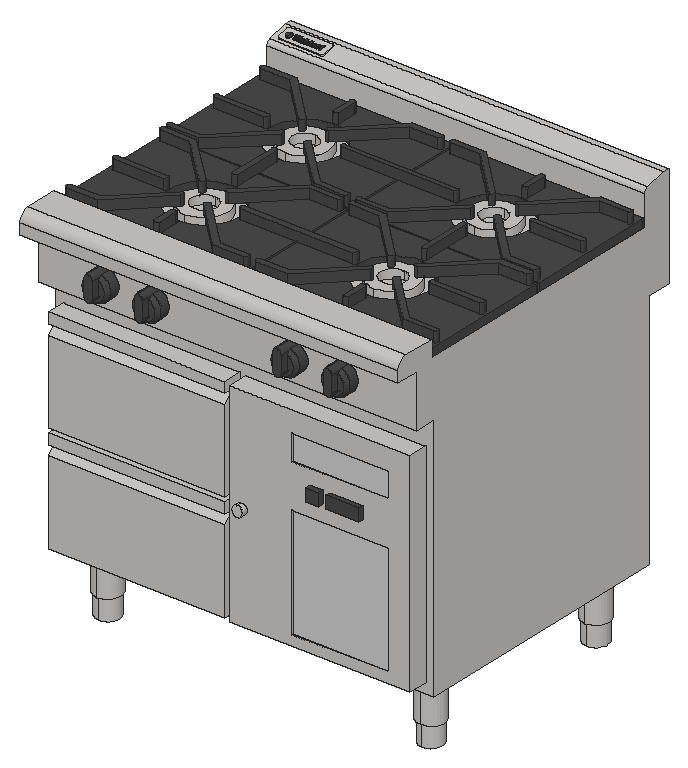
Revit family "QF_MOFFAT WALDORF_RNL8900G-RB", category Specialty Equipment, Revit 2012 (continued)
Automatic sketch dimensions
  Extrusion 7 sketch curve to Extrusion 7 sketch curve = 69.441 mm  (x9)
  Extrusion 7 sketch curve to Extrusion 7 sketch curve = 4.702 mm  (x14)
  Extrusion 7 sketch curve to Extrusion 7 sketch curve = 119.204 mm  (x2)
  Extrusion 7 sketch curve to Extrusion 7 sketch curve = 130.621 mm  (x3)
  Extrusion 7 sketch curve to Extrusion 7 sketch curve = 28.921 mm  (x3)
  Extrusion 7 sketch curve to Extrusion 7 sketch curve = 49.825 mm  (x2)
  Extrusion 1 to Split face 1 sketch curve = 5.177 mm
  Split face 1 sketch curve to Extrusion 1 = 9.153 mm
  Split face 1 sketch curve to Extrusion 1 = 154.563 mm
  Split face 1 sketch curve to Split face 1 sketch curve = 20.0 mm
  Revolve 8 sketch curve to Revolve 8 sketch curve = 23.0 mm
  Revolve 8 sketch curve to Revolve 8 sketch curve = 12.7 mm
  Revolve 8 sketch curve to Revolve 8 sketch curve = 0.0 mm  (x2)
  plane 10 to Revolve 8 sketch curve = 112.895 mm
  Revolve 8 sketch curve to Revolve 8 sketch curve = 5.0 mm
  Revolve 8 sketch curve to Revolve 8 sketch curve = 26.651 mm
  Revolve 8 sketch curve to Revolve 8 sketch curve = 5.849 mm
  plane 4 "RIGHT" to Extrusion 9 sketch curve = 175.0 mm
  Extrusion 9 sketch curve to Extrusion 9 sketch curve = 10.0 mm
  plane 10 to Extrusion 9 sketch curve = 124.997 mm
  Extrusion 9 sketch curve to Extrusion 9 sketch curve = 38.997 mm
  Revolve 10 sketch curve to plane 5 "FRONT" = 12.0 mm
  Revolve 10 sketch curve to Revolve 10 sketch curve = 0.0 mm  (x2)
  Revolve 10 sketch curve to Revolve 10 sketch curve = 11.0 mm
  Revolve 10 sketch curve to Revolve 10 sketch curve = 12.7 mm
  Revolve 10 sketch curve to Revolve 10 sketch curve = 23.0 mm
  Revolve 10 sketch curve to Revolve 10 sketch curve = 10.0 mm
  plane 10 to Revolve 10 sketch curve = 80.593 mm
  Revolve 10 sketch curve to Revolve 10 sketch curve = 5.849 mm
  Revolve 10 sketch curve to Revolve 10 sketch curve = 27.5 mm
  Revolve 10 sketch curve to Revolve 10 sketch curve = 5.0 mm
  plane 7 "Center Y" to Extrusion 11 sketch curve = 175.0 mm
  Extrusion 11 sketch curve to Extrusion 11 sketch curve = 10.0 mm
  plane 10 to Extrusion 11 sketch curve = 86.0 mm
  Extrusion 11 sketch curve to Extrusion 11 sketch curve = 39.0 mm
  Extrusion 1 to Split face 2 sketch curve = 5.177 mm
  Split face 2 sketch curve to Extrusion 1 = 9.153 mm
  Split face 2 sketch curve to Extrusion 1 = 204.563 mm
  Split face 2 sketch curve to Split face 2 sketch curve = 20.0 mm
  Extrusion 1 to Split face 3 sketch curve = 5.177 mm
  Split face 3 sketch curve to Extrusion 1 = 9.153 mm
  Split face 3 sketch curve to Extrusion 1 = 254.563 mm
  Split face 3 sketch curve to Split face 3 sketch curve = 20.0 mm
  Extrusion 1 to Split face 4 sketch curve = 5.177 mm
  Split face 4 sketch curve to Extrusion 1 = 9.153 mm
  Split face 4 sketch curve to Extrusion 1 = 304.563 mm
  Split face 4 sketch curve to Split face 4 sketch curve = 20.0 mm
  Extrusion 1 to Split face 5 sketch curve = 5.177 mm
  Split face 5 sketch curve to Extrusion 1 = 9.153 mm
  Split face 5 sketch curve to Extrusion 1 = 354.563 mm
  Split face 5 sketch curve to Split face 5 sketch curve = 20.0 mm
  Extrusion 1 to Split face 6 sketch curve = 5.177 mm
  Split face 6 sketch curve to Extrusion 1 = 9.153 mm
  Split face 6 sketch curve to Extrusion 1 = 404.563 mm
  Split face 6 sketch curve to Split face 6 sketch curve = 20.0 mm
  Extrusion 1 to Split face 7 sketch curve = 5.177 mm
  Split face 7 sketch curve to Extrusion 1 = 9.153 mm
  Split face 7 sketch curve to Extrusion 1 = 445.437 mm
  Split face 7 sketch curve to Split face 7 sketch curve = 20.0 mm
  Extrusion 1 to Split face 8 sketch curve = 5.177 mm
  Split face 8 sketch curve to Extrusion 1 = 9.153 mm
  Split face 8 sketch curve to Extrusion 1 = 395.437 mm
  Split face 8 sketch curve to Split face 8 sketch curve = 20.0 mm
  Extrusion 1 to Split face 9 sketch curve = 5.177 mm
  Split face 9 sketch curve to Extrusion 1 = 9.153 mm
  Split face 9 sketch curve to Extrusion 1 = 345.437 mm
  Split face 9 sketch curve to Split face 9 sketch curve = 20.0 mm
  Extrusion 1 to Split face 10 sketch curve = 5.177 mm
  Split face 10 sketch curve to Extrusion 1 = 9.153 mm
  Split face 10 sketch curve to Extrusion 1 = 295.437 mm
  Split face 10 sketch curve to Split face 10 sketch curve = 20.0 mm
  Extrusion 1 to Split face 11 sketch curve = 5.177 mm
  Split face 11 sketch curve to Extrusion 1 = 9.153 mm
  Split face 11 sketch curve to Extrusion 1 = 245.437 mm
  Split face 11 sketch curve to Split face 11 sketch curve = 20.0 mm
  Extrusion 1 to Split face 12 sketch curve = 5.177 mm
  Split face 12 sketch curve to Extrusion 1 = 9.153 mm
  Split face 12 sketch curve to Extrusion 1 = 195.437 mm
  Split face 12 sketch curve to Split face 12 sketch curve = 20.0 mm
  Revolve 12 sketch curve to plane 9 "Base Height" = 0.0 mm
  Revolve 12 sketch curve to level = 0.0 mm
  level to Revolve 12 sketch curve = 50.0 mm
  plane 1 "BACK" to Revolve 12 sketch curve = 166.75 mm
  Revolve 12 sketch curve to Revolve 12 sketch curve = 4.25 mm
  Revolve 12 sketch curve to Revolve 12 sketch curve = 27.5 mm  (x2)
  Revolve 12 sketch curve to Revolve 12 sketch curve = 55.0 mm
  Revolve 12 sketch curve to Revolve 12 sketch curve = 0.0 mm
  Revolve 13 sketch curve to plane 9 "Base Height" = 0.0 mm
  Revolve 13 sketch curve to level = 0.0 mm
  level to Revolve 13 sketch curve = 50.0 mm
  Revolve 13 sketch curve to plane 5 "FRONT" = 148.25 mm
  Revolve 13 sketch curve to Revolve 13 sketch curve = 4.25 mm
  Revolve 13 sketch curve to Revolve 13 sketch curve = 27.5 mm  (x2)
  Revolve 13 sketch curve to Revolve 13 sketch curve = 55.0 mm
  Revolve 13 sketch curve to Revolve 13 sketch curve = 0.0 mm
  Revolve 14 sketch curve to plane 9 "Base Height" = 0.0 mm
  Revolve 14 sketch curve to level = 0.0 mm
  level to Revolve 14 sketch curve = 50.0 mm
  plane 1 "BACK" to Revolve 14 sketch curve = 166.75 mm
  Revolve 14 sketch curve to Revolve 14 sketch curve = 4.25 mm
  Revolve 14 sketch curve to Revolve 14 sketch curve = 27.5 mm  (x2)
  Revolve 14 sketch curve to Revolve 14 sketch curve = 0.0 mm
  Revolve 14 sketch curve to Revolve 14 sketch curve = 55.0 mm
  Revolve 15 sketch curve to plane 9 "Base Height" = 0.0 mm
  Revolve 15 sketch curve to level = 0.0 mm
  level to Revolve 15 sketch curve = 50.0 mm
  Revolve 15 sketch curve to plane 5 "FRONT" = 148.25 mm
  Revolve 15 sketch curve to Revolve 15 sketch curve = 4.25 mm
  Revolve 15 sketch curve to Revolve 15 sketch curve = 27.5 mm  (x2)
  Revolve 15 sketch curve to Revolve 15 sketch curve = 0.0 mm
  Revolve 15 sketch curve to Revolve 15 sketch curve = 55.0 mm
  Extrusion 16 sketch curve to plane 11 = 0.0 mm
  Extrusion 16 sketch curve to plane 11 = 25.0 mm
  plane 4 "RIGHT" to Extrusion 16 sketch curve = 69.0 mm  (x2)
  Extrusion 16 sketch curve to Extrusion 16 sketch curve = 265.0 mm
  Extrusion 16 sketch curve to Extrusion 16 sketch curve = 104.0 mm
  Extrusion 16 sketch curve to Extrusion 16 sketch curve = 60.0 mm
  plane 4 "RIGHT" to Extrusion 16 sketch curve = 19.0 mm
  Extrusion 16 sketch curve to Extrusion 16 sketch curve = 50.0 mm
  plane 7 "Center Y" to Extrusion 16 sketch curve = 151.0 mm
  Extrusion 16 sketch curve to Extrusion 16 sketch curve = 0.0 mm
  plane 7 "Center Y" to Extrusion 16 sketch curve = 3.0 mm
  Extrusion 17 sketch curve to Extrusion 16 = 34.46 mm  (x2)
  Extrusion 17 sketch curve to Extrusion 17 sketch curve = 30.0 mm  (x2)
  Extrusion 17 sketch curve to Extrusion 17 sketch curve = 0.0 mm
  Extrusion 16 to Extrusion 17 sketch curve = 43.926 mm
  Extrusion 17 sketch curve to Extrusion 17 sketch curve = 17.577 mm
  Extrusion 16 to Extrusion 17 sketch curve = 60.185 mm
  Extrusion 16 to Extrusion 18 sketch curve = 39.229 mm
  Extrusion 18 sketch curve to Extrusion 16 = 27.856 mm
  Extrusion 19 sketch curve to Extrusion 16 = 0.0 mm  (x6)
  Extrusion 16 to Extrusion 19 sketch curve = 0.0 mm  (x2)
  Extrusion 1 to Extrusion 20 sketch curve = 283.0 mm
  Extrusion 1 sketch curve to Extrusion 1 sketch curve = 150.0 mm
  plane 1 "BACK" to Extrusion 1 sketch curve = 59.0 mm
  Extrusion 1 sketch curve to plane 9 "Base Height" = 0.0 mm
  Extrusion 1 to Extrusion 20 sketch curve = 323.0 mm
  curve 70 to curve 114 = 0.835 mm
  curve 84 to curve 119 = 0.835 mm
  curve 96 to curve 116 = 1.849 mm
  curve 104 to curve 118 = 1.849 mm
  plane 15 to curve 118 = 2.891 mm
  plane 15 to curve 120 = 3.793 mm
  curve 117 to curve 90 = 1.527 mm
  curve 119 to curve 84 = 0.625 mm
  curve 104 to curve 115 = 7.289 mm
  curve 70 to curve 114 = 8.191 mm
  curve 116 to curve 88 = 0.527 mm
  curve 86 to curve 113 = 0.375 mm
  plane 3 "LEFT" to Extrusion 7 sketch curve = 13.21 mm  (x3)
  plane 14 to Extrusion 7 sketch curve = 43.572 mm  (x4)
  plane 14 to Extrusion 7 sketch curve = 38.602 mm  (x2)
  plane 4 "RIGHT" to Extrusion 7 sketch curve = 13.21 mm  (x4)
  Extrusion 7 sketch curve to plane 15 = 44.172 mm  (x4)
  plane 3 "LEFT" to Extrusion 7 sketch curve = 13.273 mm  (x2)
  plane 4 "RIGHT" to Extrusion 7 sketch curve = 87.354 mm  (x2)
  Extrusion 7 sketch curve to Extrusion 7 sketch curve = 74.143 mm
  plane 4 "RIGHT" to Extrusion 7 sketch curve = 13.273 mm  (x2)
  Extrusion 1 to Extrusion 21 sketch curve = 1.0 mm  (x5)
  Extrusion 21 sketch curve to Extrusion 21 sketch curve = 3.0 mm  (x9)
  Extrusion 1 to Extrusion 21 sketch curve = 4.0 mm  (x2)
  Extrusion 21 sketch curve to Extrusion 21 sketch curve = 0.0 mm  (x6)
  Extrusion 1 to Extrusion 21 sketch curve = 167.079 mm
  Extrusion 1 to Extrusion 21 sketch curve = 167.98 mm
  Extrusion 21 sketch curve to Extrusion 21 sketch curve = 144.395 mm  (x2)
  Extrusion 21 sketch curve to Extrusion 21 sketch curve = 145.296 mm
  Extrusion 21 sketch curve to Extrusion 1 = 167.921 mm
  Extrusion 21 sketch curve to Extrusion 1 = 167.02 mm
  Extrusion 21 sketch curve to Extrusion 1 = 4.0 mm  (x3)
  Extrusion 21 sketch curve to Extrusion 1 = 1.0 mm  (x2)
  Extrusion 1 to Extrusion 21 sketch curve = 224.937 mm  (x2)
  Extrusion 21 sketch curve to Extrusion 21 sketch curve = 220.251 mm  (x2)
  Extrusion 21 sketch curve to Extrusion 21 sketch curve = 3.625 mm  (x2)
  Extrusion 1 to Extrusion 21 sketch curve = 224.05 mm  (x2)
  Extrusion 22 sketch curve to Extrusion 22 sketch curve = 0.0 mm  (x49)
  Extrusion 1 to Extrusion 22 sketch curve = 110.5 mm  (x2)
  Extrusion 22 sketch curve to Extrusion 22 sketch curve = 27.0 mm  (x4)
  Extrusion 22 sketch curve to Extrusion 22 sketch curve = 30.0 mm  (x4)
  Extrusion 22 sketch curve to Extrusion 22 sketch curve = 185.0 mm  (x2)
  Extrusion 1 to Extrusion 22 sketch curve = 224.0 mm  (x2)
  Extrusion 1 to Extrusion 22 sketch curve = 226.0 mm
  curve 86 to curve 121 = 0.0 mm  (x2)
  curve 86 to curve 122 = 27.0 mm
  curve 88 to curve 123 = 0.0 mm  (x2)
  curve 88 to curve 123 = 27.0 mm
  curve 90 to curve 125 = 0.0 mm  (x2)
  curve 90 to curve 125 = 27.0 mm
  curve 84 to curve 127 = 0.0 mm  (x2)
  curve 84 to curve 127 = 27.0 mm
  radius of Extrusion 4 sketch curve = 13.5 mm
  radius of Extrusion 18 sketch curve = 12.395 mm
  radius of Extrusion 20 sketch curve = 6.35 mm
  radius of Extrusion 21 sketch curve = 84.082 mm  (x4)
Nested families
  nested 1: "RNL8900G-RB-CASTERS" at (65, -100, 0), Show Casters <- "Show Casters", visible <- "Show Casters", type "RNL8900G-RB-CASTERS"
    with Type Mark "", Status "", Specification by User "", Show Casters no, Revision Code "", Item Number "", Installed By "", Identify Quantity as Lot yes, Furnished By "", Foodservice Equipment Identifier yes
  nested 2: "RNL8900G-RB-CASTERS" at (835, -100, 0), Show Casters <- "Show Casters", visible <- "Show Casters", type "RNL8900G-RB-CASTERS"
    with Type Mark "", Status "", Specification by User "", Show Casters no, Revision Code "", Item Number "", Installed By "", Identify Quantity as Lot yes, Furnished By "", Foodservice Equipment Identifier yes
  nested 3: "RNL8600G-RB-DOOR AND DRAWER" at (19, -699, 176.5), Show Door <- "Show Door", Show Drawer <- "Drawer", Drawer Clearance <- "Drawer Clearance", Door Clearance <- "Door Clearance", type "RNL8600G-RB-DOOR AND DRAWER"
    with Type Mark "", Status "", Specification by User "", Show Drawer yes, Show Door no, Revision Code "", Item Number "", Installed By "", Identify Quantity as Lot yes, Furnished By "", Foodservice Equipment Identifier yes, Drawer Clearance yes, Door Clearance no
  nested 4: "WALDORF LOGO_FACE BASE" at (12.422, -22.122, 968.092) x (1, 0, 0) z (0, -0.2588, 0.9659), visible <- "Show Logo", type "WALDORF LOGO_FACE BASE", detail levels medium+fine
    with Show Logo yes
Connectors
  piping at (770, -32, 655)
    settings: on Extrusion 4, index 3, connector radius 0.37402", flow factor 0, pipe flow 0 GPM, pressure drop 0.00 psi, fitting loss kfactor 0, connector angle 0.00°, fixture units 0, engagement length 0.0 mm, flow configuration 1, flow direction 1, fitting loss method 0, system type 7, joint type 0, gender type 0, connector reference index -1, connector utility 0, adjustable connector no, is connector primary yes, fitting loss table "", connector description "GAS CONNECTION"
  electrical at (617, 1.6, 402), driven by "Volts", driven by "Watts"
    settings: on Extrusion 20, index 4, voltage 240 V, apparent load 250 VA, apparent load phase1 0 VA, apparent load phase2 0 VA, apparent load phase3 0 VA, power factor 1, load classification "Other", number of poles 1, system type 30, power factor state 1, is connector primary yes, connector utility no, sub classification motor no, connector description "ELECTRICAL CONNECTION"
Definition of nested family "RNL8600G-RB-DOOR AND DRAWER"
  Parameters (values of type "GP8900G-RB-DOOR AND DRAWER")
    Weight in Pounds = 0
    URL Cutsheet = ""
    URL = ""
    Type Mark [instance] = ""
    Status [instance] = ""
    Specification by User [instance] = ""
    Specification by Manufacturer = ""
    Show Door [instance] = yes
    Serial Number = ""
    Seismic Rating = ""
    SMACNA No = ""
    Revision Code [instance] = ""
    Omniclass Number and Title = ""
    NAFEM Spec ID Number = ""
    Model = ""
    Masterspec = ""
    Manufacturer = ""
    Item Number [instance] = ""
    Installed By [instance] = ""
    Identify Quantity as Lot [instance] = yes
    Furnished By [instance] = ""
    Foodservice Equipment Identifier [instance] = yes
    Show Drawer [instance] = yes
    Drawer Clearance [instance] = yes
    Door Clearance [instance] = yes
    Description = ""
    CSI MasterFormat = ""
    CSI Master Format = ""
  Reference planes
    plane 1 "BACK": y = 0
    plane 2: z = 0
    plane 3 "LEFT": x = 0
    plane 4 "RIGHT": x = 420
    plane 5 "FRONT": y = -464.82
    plane 6 "TOP": z = 504
    plane 7 "Center Y": x = 210
    plane 8 "Center X": y = -232.41
    plane 9: x = 420
  Forms (mm)
    Extrusion 1, solid, material "QF_Finishes_Stainless Steel", visible <- "Show Drawer"
      sketch origin (-19, 702.18, -174) x (0, 1, 0) y (0, 0, 1)
        loop
          line (-747, 678) -> (-747, 653) -> (-722, 653) -> (-747, 628) -> (-747, 431) -> (-702.18, 431) -> (-702.18, 678) -> (-747, 678)
        loop
          line (-747, 421) -> (-747, 396) -> (-722, 396) -> (-747, 371) -> (-747, 174) -> (-702.18, 174) -> (-702.18, 421) -> (-747, 421)
      from 19 to 439
    Extrusion 2, solid, material "QF_Door-Drawer Clearances", visible <- "Drawer Clearance", detail levels coarse
      sketch origin (-19, -44.82, 257) x (0, 0, 1) y (-1, 0, 0)
        loop
          line (-257, -19) -> (-257, -439) -> (-10, -439) -> (-10, -19) -> (-257, -19)
        loop
          line (0, -19) -> (0, -439) -> (247, -439) -> (247, -19) -> (0, -19)
      from 0 to 304.8
    Extrusion 3, solid, material "QF_Finishes_Stainless Steel", visible <- "Show Door"
      sketch origin (-19, 702.18, -174) x (0, 1, 0) y (0, 0, 1)
        loop
          line (-748.15, 675.55) -> (-748.15, 658) -> (-723.95, 658) -> (-723.95, 648.15)
          arc (-723.95, 648.15) -> (-740.921, 641.121) -> (-747.95, 624.15) r 24
          line (-747.95, 624.15) -> (-747.95, 198)
          arc (-747.95, 198) -> (-740.921, 181.029) -> (-723.95, 174) r 24
          line (-723.95, 174) -> (-705.2, 174) -> (-705.2, 678) -> (-745.7, 678)
          arc (-745.7, 678) -> (-747.432, 677.282) -> (-748.15, 675.55) r 2.45
      from 19 to 439
    Extrusion 4, solid, material "QF_Door-Drawer Clearances", visible <- "Door Clearance", detail levels coarse
      sketch origin (-19, -8.47, 0) x (-1, 0, 0) y (0, 1, 0)
        loop
          line (-19, -36.35) -> (-439, -36.35)
          arc (-439, -36.35) -> (-315.985, -333.335) -> (-19, -456.35) r 420
          line (-19, -456.35) -> (-19, -36.35)
      from 0 to -504
  Lines and regions (mm)
    symbolic lines, style "QF_Door-Drawer Clearances", visible <- "Drawer Clearance"
      curve 1: line (0, -102.82, 150) -> (0, -349.62, 150)
      curve 2: line (420, -349.62, 150) -> (420, -104.62, 150)
      curve 5: line (0, -349.62, 0) -> (420, -349.62, 0)
    symbolic lines, style "QF_Door-Drawer Clearances", visible <- "Door Clearance"
      curve 3: line (58, -102.82, 150) -> (296.985, -341.805, 150)
      curve 4: arc (416.229, -100.977, 150) -> (376.388, -231.185, 150) -> (296.985, -341.805, 150) r 420
  Dimensions and locks
    equal spacing: plane 3 "LEFT", plane 7 "Center Y", plane 4 "RIGHT"
    plane 3 "LEFT" to plane 4 "RIGHT" = 420.0 mm
    equal spacing: plane 5 "FRONT", plane 8 "Center X", plane 1 "BACK"
    plane 5 "FRONT" to plane 1 "BACK" = 464.82 mm
    plane 6 "TOP" to level = 504.0 mm
    aligned and locked: level to plane 2
  Automatic sketch dimensions
    curve 4 to plane 3 "LEFT" = 0.0 mm
    curve 1 to plane 3 "LEFT" = 0.0 mm
    plane 4 "RIGHT" to curve 4 = 3.771 mm
    plane 7 "Center Y" to curve 3 = 86.985 mm
    curve 3 to curve 1 = 58.0 mm
    plane 1 "BACK" to curve 4 = 44.82 mm
    plane 1 "BACK" to curve 4 = 100.977 mm
    curve 4 to curve 3 = 58.0 mm
    curve 1 to curve 3 = 0.0 mm
    curve 4 to curve 2 = 3.643 mm
    Extrusion 1 sketch curve to level = 0.0 mm
    Extrusion 1 sketch curve to plane 1 "BACK" = 0.0 mm  (x2)
    plane 1 "BACK" to Extrusion 1 sketch curve = 19.82 mm  (x2)
    Extrusion 1 sketch curve to Extrusion 1 sketch curve = 25.0 mm  (x6)
    Extrusion 1 sketch curve to Extrusion 1 sketch curve = 0.0 mm
    Extrusion 1 sketch curve to Extrusion 1 sketch curve = 44.82 mm
    level to Extrusion 1 sketch curve = 197.0 mm
    Extrusion 1 sketch curve to Extrusion 1 sketch curve = 10.0 mm
    Extrusion 1 sketch curve to Extrusion 1 sketch curve = 197.0 mm
    Extrusion 1 to Extrusion 2 sketch curve = 0.0 mm  (x4)
    Extrusion 2 sketch curve to Extrusion 1 = 0.0 mm
    Extrusion 1 to Extrusion 2 sketch curve = 222.0 mm
    Extrusion 2 sketch curve to Extrusion 2 sketch curve = 10.0 mm
    Extrusion 2 sketch curve to Extrusion 2 sketch curve = 247.0 mm
    Extrusion 3 sketch curve to level = 0.0 mm
    plane 1 "BACK" to Extrusion 3 sketch curve = 45.97 mm
    Extrusion 3 sketch curve to Extrusion 3 sketch curve = 0.2 mm
    Extrusion 3 sketch curve to Extrusion 3 sketch curve = 2.45 mm
    plane 1 "BACK" to Extrusion 3 sketch curve = 21.77 mm  (x2)
    plane 1 "BACK" to Extrusion 3 sketch curve = 3.02 mm
    Extrusion 3 sketch curve to Extrusion 3 sketch curve = 426.15 mm
    Extrusion 3 sketch curve to Extrusion 3 sketch curve = 9.85 mm
    Extrusion 3 sketch curve to Extrusion 3 sketch curve = 17.55 mm
    Extrusion 4 sketch curve to Extrusion 3 = 0.0 mm  (x2)
    Extrusion 3 to Extrusion 4 sketch curve = 23.05 mm
    curve 2 to plane 4 "RIGHT" = 0.0 mm
    curve 1 to plane 5 "FRONT" = 115.2 mm
    curve 2 to plane 5 "FRONT" = 115.2 mm
Definition of nested family "WALDORF LOGO_FACE BASE"
  Parameters (values of type "WALDORF LOGO_FACE BASE")
    Show Logo [instance] = yes
    Default Elevation = 1219.2 mm
  Reference planes
    plane 1 "Center (Front/Back)": y = 0
    plane 2: z = 0
    plane 3 "Center (Left/Right)": x = 0
  Forms (mm)
    Extrusion 1, solid
      sketch origin (0, 0, 0) x (1, 0, 0) y (0, 1, 0)
        loop
          line (-1219.2, 1219.2) -> (-1219.2, -1219.2) -> (1219.2, -1219.2) -> (1219.2, 1219.2) -> (-1219.2, 1219.2)
      from 0 to -304.8
    Extrusion 2, solid, material "QF_Finishes_Stainless Steel", visible <- "Show Logo"
      sketch origin (0, -33.217, 0) x (1, 0, 0) y (0, 1, 0)
        loop
          arc (5, 34.14) -> (1.464, 32.676) -> (0, 29.14) r 5
          line (0, 29.14) -> (0, 5)
          arc (0, 5) -> (1.464, 1.464) -> (5, 0) r 5
          line (5, 0) -> (104, 0)
          arc (104, 0) -> (107.536, 1.464) -> (109, 5) r 5
          line (109, 5) -> (109, 29.14)
          arc (109, 29.14) -> (107.536, 32.676) -> (104, 34.14) r 5
          line (104, 34.14) -> (5, 34.14)
      from 0 to 1.588
    Extrusion 3, solid, material "QF_Finishes_Black", visible <- "Show Logo"
      sketch origin (0, -33.217, 1.588) x (1, 0, 0) y (0, 1, 0)
        loop
          line (24.772, 23.214) -> (27.992, 10.301) -> (31.551, 10.301) -> (33.443, 17.364) -> (35.205, 10.301) -> (39.332, 10.301) -> (42.077, 23.214) -> (38.352, 23.214) -> (36.676, 15.33) -> (35, 23.214) -> (31.752, 23.214) -> (30.076, 15.33) -> (28.4, 23.214) -> (24.772, 23.214)
        loop
          line (42.272, 17.055) -> (45.703, 17.055)
          spline (45.703, 17.055) -> (45.741, 17.285) -> (45.852, 17.499) -> (46.028, 17.682) -> (46.258, 17.823) -> (46.526, 17.912) -> (46.813, 17.942) -> (47.1, 17.912) -> (47.368, 17.823) -> (47.597, 17.682) -> (47.774, 17.499) -> (47.884, 17.285) -> (47.922, 17.055)
          line (47.922, 17.055) -> (47.922, 16.222)
          arc (47.922, 16.222) -> (45.742, 16.014) -> (43.665, 15.317) r 9.604
          arc (43.665, 15.317) -> (41.924, 12.809) -> (43.665, 10.301) r 2.677
          arc (43.665, 10.301) -> (45.527, 10.353) -> (47.332, 10.816) r 8.365
          line (47.332, 10.816) -> (48.092, 11.105) -> (48.092, 10.301) -> (51.817, 10.301) -> (51.817, 17.055)
          spline (51.817, 17.055) -> (51.654, 17.821) -> (51.178, 18.535) -> (50.419, 19.148) -> (49.431, 19.619) -> (48.28, 19.914) -> (47.044, 20.015) -> (45.809, 19.914) -> (44.658, 19.619) -> (43.67, 19.148) -> (42.911, 18.535) -> (42.434, 17.821) -> (42.272, 17.055)
        loop
          line (53.151, 23.214) -> (53.151, 10.301) -> (57.37, 10.301) -> (57.37, 23.214) -> (53.151, 23.214)
        loop
          line (64.874, 23.214) -> (64.874, 18.857)
          arc (64.874, 18.857) -> (58.083, 15.11) -> (64.874, 11.363) r 4.429
          line (64.874, 11.363) -> (64.874, 10.301) -> (68.378, 10.301) -> (68.378, 23.214) -> (64.874, 23.214)
        loop
          arc (64.874, 16.083) -> (61.41, 14.987) -> (64.874, 13.891) r 1.905
          line (64.874, 13.891) -> (64.874, 16.083)
        loop
          circle (74.623, 15.223) r 5
        loop
          spline (74.623, 17.856) -> (74.355, 17.766) -> (74.105, 17.503) -> (73.891, 17.084) -> (73.726, 16.539) -> (73.623, 15.904) -> (73.588, 15.223) -> (73.623, 14.541) -> (73.726, 13.906) -> (73.891, 13.361) -> (74.105, 12.942) -> (74.355, 12.679) -> (74.623, 12.59)
          spline (74.623, 12.59) -> (74.891, 12.679) -> (75.141, 12.942) -> (75.355, 13.361) -> (75.52, 13.906) -> (75.623, 14.541) -> (75.659, 15.223) -> (75.623, 15.904) -> (75.52, 16.539) -> (75.355, 17.084) -> (75.141, 17.503) -> (74.891, 17.766) -> (74.623, 17.856)
        loop
          line (81.255, 19.813) -> (81.255, 10.301) -> (84.834, 10.301) -> (84.834, 14.176)
          arc (84.834, 14.176) -> (85.854, 16.093) -> (88.013, 16.32) r 2.313
          line (88.013, 16.32) -> (88.013, 19.813) -> (87.161, 19.813)
          arc (87.161, 19.813) -> (85.526, 19.266) -> (84.549, 17.844) r 2.717
          line (84.549, 17.844) -> (84.549, 19.813) -> (81.255, 19.813)
        loop
          line (90.249, 19.813) -> (88.91, 19.813) -> (88.91, 17.614) -> (90.249, 17.614) -> (90.249, 10.301) -> (93.998, 10.301) -> (93.998, 17.614) -> (95.418, 17.614) -> (95.418, 19.813) -> (93.998, 19.813)
          arc (93.998, 19.813) -> (94.414, 20.817) -> (95.418, 21.233) r 1.42
          line (95.418, 21.233) -> (95.418, 23.602) -> (93.317, 23.602)
          arc (93.317, 23.602) -> (91.343, 22.903) -> (90.249, 21.118) r 3.137
          line (90.249, 21.118) -> (90.249, 19.813)
        loop
          arc (15.241, 23.571) -> (8.392, 16.525) -> (15.241, 9.479) r 7.049
          line (15.241, 9.479) -> (15.241, 23.571)
        loop
          line (15.641, 23.571) -> (15.641, 9.479)
          arc (15.641, 9.479) -> (22.49, 16.525) -> (15.641, 23.571) r 7.049
        loop
          arc (47.922, 14.711) -> (46.266, 13.749) -> (47.922, 12.787) r 1.107
          line (47.922, 12.787) -> (47.922, 14.711)
      from 0 to 0.2
  Dimensions and locks
    aligned and locked: plane 2 to Extrusion 1
    aligned and locked: level to Extrusion 1
Definition of nested family "RNL8900G-RB-CASTERS"
  Parameters (values of type "BTL8450-CB-CASTERS")
    Weight = ""
    URL Manufacturer = ""
    URL Cutsheet = ""
    URL = ""
    Type Mark [instance] = ""
    Status [instance] = ""
    Specification by User [instance] = ""
    Specification by Manufacturer = ""
    Show Casters [instance] = no
    Serial Number = ""
    Seismic Rating = ""
    SMACNA No = ""
    Revision Code [instance] = ""
    Omniclass Number and Title = ""
    NAFEM Spec ID Number = ""
    Model = ""
    MasterSpec. = ""
    Manufacturer = ""
    Item Number [instance] = ""
    Installed By [instance] = ""
    Identify Quantity as Lot [instance] = yes
    Furnished By [instance] = ""
    Foodservice Equipment Identifier [instance] = yes
    Description = ""
    CSI MasterFormat = ""
    CSI Master Format = ""
    Assembly Code = ""
  Reference planes
    plane 1: z = 0
    plane 2 "RIGHT": x = 0
    plane 3 "FRONT": y = 0
    plane 4 "TOP": z = 177.8
  Forms (mm)
    Revolve 1, solid, material "QF_Finishes_Stainless Steel", visible <- "Show Casters"
      sketch origin (0, 56.335, 0) x (0, 1, 0) y (0, 0, 1)
        loop
          line (-56.335, 152.4) -> (-56.335, 141.118) -> (-23.798, 141.118) -> (-23.798, 152.4) -> (-56.335, 152.4)
        axis (-56.335, 141.118) -> (-56.335, 152.4)
      angle from 0 to 360
    Extrusion 2, solid, material "QF_Finishes_Stainless Steel", visible <- "Show Casters"
      sketch origin (-46.049, 56.335, 0) x (0, 1, 0) y (0, 0, 1)
        loop
          line (-85.799, 141.118) -> (-85.799, 133.498) -> (-82.136, 133.498)
          arc (-82.136, 133.498) -> (-79.344, 132.328) -> (-77.146, 130.248) r 8.432
          line (-77.146, 130.248) -> (-39.502, 49.52)
          arc (-39.502, 49.52) -> (-13.784, 46.107) -> (-5.673, 70.75) r 20.32
          arc (-5.673, 70.75) -> (-7.065, 73.611) -> (-8.887, 76.22) r 20.32
          arc (-8.887, 76.22) -> (-9.399, 85.377) -> (-6.626, 94.119) r 25.4
          line (-6.626, 94.119) -> (8.003, 121.632)
          arc (8.003, 121.632) -> (-2.347, 126.31) -> (-13.34, 129.167) r 66.802
          line (-13.34, 129.167) -> (-13.765, 133.498) -> (-26.871, 133.498) -> (-26.871, 141.118) -> (-85.799, 141.118)
      from 20.058 to 22.923
    Extrusion 3, solid, material "QF_Finishes_Stainless Steel", visible <- "Show Casters"
      sketch origin (3.326, 56.335, 0) x (0, 1, 0) y (0, 0, 1)
        loop
          line (-85.799, 141.118) -> (-85.799, 133.498) -> (-82.136, 133.498)
          arc (-82.136, 133.498) -> (-79.344, 132.328) -> (-77.146, 130.248) r 8.432
          line (-77.146, 130.248) -> (-39.502, 49.52)
          arc (-39.502, 49.52) -> (-13.784, 46.107) -> (-5.673, 70.75) r 20.32
          arc (-5.673, 70.75) -> (-7.065, 73.611) -> (-8.887, 76.22) r 20.32
          arc (-8.887, 76.22) -> (-9.399, 85.377) -> (-6.626, 94.119) r 25.4
          line (-6.626, 94.119) -> (8.003, 121.632)
          arc (8.003, 121.632) -> (-2.347, 126.31) -> (-13.34, 129.167) r 66.802
          line (-13.34, 129.167) -> (-13.765, 133.498) -> (-26.871, 133.498) -> (-26.871, 141.118) -> (-85.799, 141.118)
      from 20.058 to 22.923
    Extrusion 4, solid, material "QF_Finishes_Stainless Steel", visible <- "Show Casters"
      sketch origin (-49.224, 56.335, 0) x (0, 1, 0) y (0, 0, 1)
        loop
          line (-85.799, 141.118) -> (-85.799, 133.498) -> (-82.136, 133.498) -> (-18.877, 127.964) -> (7.14, 120.01) -> (8.003, 121.632)
          arc (8.003, 121.632) -> (-2.347, 126.31) -> (-13.34, 129.167) r 66.802
          line (-13.34, 129.167) -> (-13.765, 133.498) -> (-26.871, 133.498) -> (-26.871, 141.118) -> (-85.799, 141.118)
      from 26.098 to 72.56
    Revolve 5, solid, material "QF_Finishes_Stainless Steel", visible <- "Show Casters"
      sketch origin (-49.224, 30.821, 0) x (1, 0, 0) y (0, 0, 1)
        loop
          line (14.841, 63.604) -> (83.584, 63.604) -> (83.584, 67.109) -> (82.314, 68.379) -> (80.79, 68.379) -> (80.79, 71.826) -> (68.644, 71.826) -> (68.644, 81.79) -> (65.088, 83.843) -> (61.683, 104.879) -> (65.881, 104.879) -> (65.881, 111.229) -> (65.088, 111.229) -> (65.088, 117.579)
          arc (65.088, 117.579) -> (62.298, 124.314) -> (55.563, 127.104) r 9.525
          line (55.563, 127.104) -> (42.863, 127.104)
          arc (42.863, 127.104) -> (36.127, 124.314) -> (33.338, 117.579) r 9.525
          line (33.338, 117.579) -> (33.338, 111.229) -> (32.544, 111.229) -> (32.544, 104.879) -> (36.742, 104.879) -> (33.352, 83.932) -> (29.782, 81.871) -> (29.782, 71.826) -> (17.635, 71.826) -> (17.635, 68.379) -> (16.111, 68.379) -> (14.841, 67.109) -> (14.841, 63.604)
        axis (14.841, 63.604) -> (83.584, 63.604)
      angle from 0 to 360
  Cuts and joins
    joined: Extrusion 2, Extrusion 3, Extrusion 4
  Lines and regions (mm)
    symbolic lines, style "SpecialityEquipmentHiddenLines", visible <- "Show Casters"
      curve 1: line (18.009, 67.053, 0) -> (45.595, 51.127, 0)
      curve 2: line (-45.491, -42.932, 0) -> (18.009, 67.053, 0)
      curve 3: line (-17.905, -58.859, 0) -> (-45.491, -42.932, 0)
      curve 4: line (45.595, 51.127, 0) -> (-17.905, -58.859, 0)
  Dimensions and locks
    plane 4 "TOP" to level = 177.8 mm  (x2)
    Revolve 5 sketch curve to Revolve 5 sketch curve = 63.5 mm
    aligned and locked: level to plane 1
